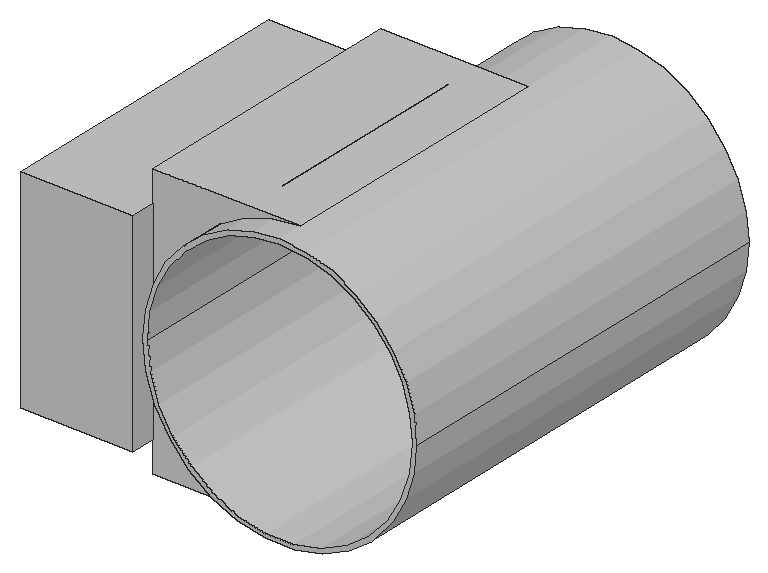
Revit family
Parameters
  Unit Weight = "26.0 lbs"
  URL = "http://www.titus-hvac.com/"
  Static Pressure [instance] = 0.00 in-wg
  Nominal Width = 1' - 11"
  Nominal Length = 2' - 0"
  Nominal Inlet Size = 1' - 4"
  Nominal Inlet Length = 2' - 0"
  Nominal Height = 1' - 3 7/8"
  Model = "DECV"
  Min. Air Flow = 0 CFM
  Max. Air Flow = 4000 CFM
  Material = Steel
  Manufacturer = "Titus"
  Inlet Radius = 0' - 7 15/16"
  Inlet Opening Radius = 0' - 7 11/16"
  Inlet Offset = 0' - 6"
  Inlet Extrusion Radius = 0' - 7 15/16"
  Inlet Diameter = 1' - 3 7/8"
  Inlet = Duct D / 2  # 0' - 7 15/16"
  Duct D = 1' - 3 7/8"
  Design Air Flow [instance] = 0 CFM
  Description = "Digital Control Terminal Unit, Retrofit, Variable Volume"
  Control Box Offset = 0' - 8 9/16"
  CADworks URL = "www.CADworks.net"
  Assembly Code = "D3040100"
Reference planes (in)
  plane 1 "Center (Front/Back)": y = 0
  plane 2: z = 0
  plane 3 "Center (Left/Right)": x = 0
  plane 4: x = -8.5625
  plane 5: y = 6
  plane 6: y = 12
  plane 7: y = -12
  plane 8: y = -8
  plane 9: z = 6.125
  plane 10: z = -6.125
  plane 11: z = -7.9375
  plane 12: z = 7.9375
  plane 13: x = -15.0625
  plane 14: x = 7.87113
Forms (in)
  Extrusion 1, solid, material "Steel" <- "Material"
    sketch origin (0, 6, 0) x (-1, 0, 0) y (0, 0, -1)
      loop
        line (8.5625, -6.125) -> (15.0625, -6.125) -> (15.0625, 6.125) -> (8.5625, 6.125) -> (8.5625, -6.125)
    from 0 to 18
  Extrusion 2, solid, material "Steel" <- "Material"
    sketch origin (0, 10, 0) x (1, 0, 0) y (0, 0, 1)
      loop
        line (-8.5625, -7.9375) -> (0, -7.9375)
        arc (0, -7.9375) -> (-7.9375, 0) -> (0, 7.9375) r 7.9375
        line (0, 7.9375) -> (-8.5625, 7.9375) -> (-8.5625, -7.9375)
    from 4 to 20.5
  Extrusion 3, solid, material "Steel" <- "Material"
    sketch origin (0, -8.5, 0) x (1, 0, 0) y (0, 0, 1)
      loop
        circle (0, 0) r 7.9375
    from -20.5 to 3.5
  Extrusion 4, void
    sketch origin (0, -12, 0) x (-1, 0, 0) y (0, 0, 1)
      loop
        circle (0, 0) r 7.6875
    from 0 to 24
Cuts and joins
  Extrusion 4 cuts Extrusion 2
  Extrusion 4 cuts Extrusion 3
Dimensions and locks (in)
  locked: Extrusion 1 to Extrusion 1 at 18
  locked: Extrusion 3 sketch curve to level at 0
  locked: Extrusion 3 sketch curve to plane 3 "Center (Left/Right)" at 0
  "Control Box Offset": plane 3 "Center (Left/Right)" to Extrusion 1
  locked: Extrusion 1 sketch curve to Extrusion 1 sketch curve at 6.5
  locked: Extrusion 1 sketch curve to Extrusion 1 sketch curve at 12.25
  equal spacing: Extrusion 1 sketch curve, plane 2, Extrusion 1 sketch curve
  "Inlet Offset": plane 6 to plane 5
  locked: Extrusion 1 to plane 5 at 0
  "Inlet Diameter": Extrusion 2 sketch curve to Extrusion 2 sketch curve
  equal spacing: Extrusion 2 sketch curve, plane 2, Extrusion 2 sketch curve
  "Control Box Offset": plane 4 to plane 3 "Center (Left/Right)"
  "Inlet Offset": plane 6 to cut or joined group of Extrusion 2, Extrusion 4
  locked: cut or joined group of Extrusion 3, Extrusion 4 to plane 6 at 0
  "Nominal Inlet Length": cut or joined group of Extrusion 3, Extrusion 4 to cut or joined group of Extrusion 3, Extrusion 4
  equal spacing: cut or joined group of Extrusion 3, Extrusion 4, plane 1 "Center (Front/Back)", cut or joined group of Extrusion 3, Extrusion 4
  "Nominal Inlet Length": plane 7 to plane 6
  equal spacing: plane 7, plane 1 "Center (Front/Back)", plane 6
  locked: plane 7 to cut or joined group of Extrusion 2, Extrusion 4 at 1.5
  locked: plane 8 to plane 6 at 20
  locked: plane 9 to plane 10 at 12.25
  "Inlet Radius": radius of Extrusion 3 sketch curve
  "Inlet Extrusion Radius": radius of Extrusion 2 sketch curve
  "Inlet Opening Radius": radius of Extrusion 4 sketch curve
  aligned and locked: plane 3 "Center (Left/Right)" to connector elem
  aligned and locked: connector elem to plane 3 "Center (Left/Right)"
  aligned and locked: cut or joined group of Extrusion 2, Extrusion 4 to Extrusion 1  (x2)
  aligned and locked: plane 3 "Center (Left/Right)" to Extrusion 2 sketch curve
  aligned and locked: plane 4 to Extrusion 1
Automatic sketch dimensions
  plane 4 to Extrusion 1 sketch curve = 0' - 0"
  Extrusion 2 sketch curve to plane 4 = 0' - 0"
Connectors (in)
  hvac at (0, -12, 0), driven by "Design Air Flow", driven by "Inlet", driven by "Static Pressure"
    settings: on cut or joined group of Extrusion 3, Extrusion 4, index 1
  hvac at (0, 12, 0), driven by "Static Pressure", driven by "Design Air Flow", driven by "Inlet"
    settings: on cut or joined group of Extrusion 3, Extrusion 4, index 2
